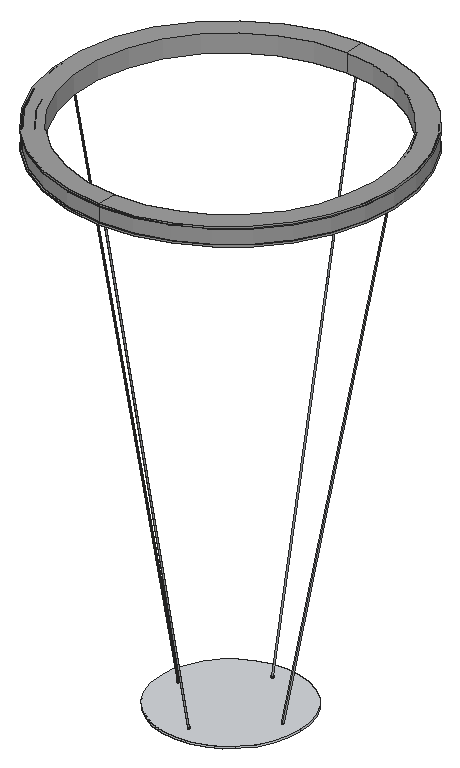
Revit family "VRO-ACPMK", category Lighting Fixtures, host Face, Revit 2022
Family settings
  Host = Face
  Round Connector Dimension = Use Diameter
  Part Type = Normal
  Cut with Voids When Loaded = Yes
  Light Source = Yes
  Maintain Annotation Orientation = No
  Shared = No
  Room Calculation Point = No
Parameters (values of type "VRO-32W-4000K-ACPMK")
  cable = R - 0' 0 1/32"  # 0' - 11 197/256"
  Wattage Comments = "32W"
  Wattage = 15.0799 W
  built-in parameter 1150110 = 1 (stored number, unit not read)
  URL = ""
  built-in parameter 1114217 = 1 (stored number, unit not read)
  Tilt Angle = 90.00°
  built-in parameter 1150109 = 1 (stored number, unit not read)
  built-in parameter 1150134 = 12
  Suspension = 3' - 0"
  built-in parameter 1150113 = 1 (stored number, unit not read)
  Power Factor = "0.9"
  Photometric Web File = "VRO_3624_40901_WH.ies"
  Note = "The actual cable count varies with the fixture size."  # constant formula
  Model = "VRO-3624-40901-ACPMK-WH"
  Manufacturer = "Above All Lighting"  # constant formula
  built-in parameter 1150105 = 178.25 (stored number, unit not read)
  Lumens = 2240 lm
  built-in parameter 1150115 = 1 (stored number, unit not read)
  Load Classification = Lighting
  built-in parameter 1150137 = (empty or 0)
  built-in parameter 1150139 = (empty or 0)
  built-in parameter 1150112 = 1 (stored number, unit not read)
  built-in parameter 1150114 = 1 (stored number, unit not read)
  Lamp = "LED"
  Input Voltage = "120-277V"
  built-in parameter 1150132 = 2
  built-in parameter 1150102 = (empty or 0)
  built-in parameter 1150107 = 4000 (stored number, unit not read)
  built-in parameter 1150138 = (empty or 0)
  built-in parameter 1150106 = 1.7825 (stored number, unit not read)
  built-in parameter 1150104 = 13.8 (stored number, unit not read)
  Dimming Lamp Color Temperature Shift = <None>
  Default Elevation = 0' - 0"
  R = 0' - 11 205/256"
  A = 0' - 10"
  Color Filter = 16777215
  CRI = "90"
  Beam Angle = 0.00°
  built-in parameter 1114218 = 1 (stored number, unit not read)
  built-in parameter 1150133 = 10 (stored number, unit not read)
Types (5): name | cable | Wattage Comments | Wattage | built-in parameter 1150134 | Photometric Web File | Model | built-in parameter 1150105 | Lumens | built-in parameter 1150107 | built-in parameter 1150106 | R
  (no name) | 0' - 11 197/256" | "32W" | 15.0799 W | 12 | "VRO_3624_40901_WH.ies" | "VRO-3624-40901-ACPMK-WH" | 178.25 (stored number, unit not read) | 2240 lm | 4000 (stored number, unit not read) | 1.7825 (stored number, unit not read) | 0' - 11 205/256"
  VRO-32W-4000K-ACPMK | 0' - 11 197/256" | "32W" | 15.0799 W | 12 | "VRO_3624_40901_WH.ies" | "VRO-3624-40901-ACPMK-WH" | 178.25 (stored number, unit not read) | 2240 lm | 4000 (stored number, unit not read) | 1.7825 (stored number, unit not read) | 0' - 11 205/256"
  VRO-40W-3000K-ACPMK | 1' - 5 171/256" | "40W" | 18.8499 W | (empty or 0) | "VRO_4035_30901_WH.ies" | "VRO-4035-30901-ACPMK-WH" | 1094.4 (stored number, unit not read) | 2800 lm | 3000 (stored number, unit not read) | 10.944 (stored number, unit not read) | 1' - 5 179/256"
  VRO-70W-3000K-ACPMK | 1' - 11 73/128" | "70W" | 32.9873 W | (empty or 0) | "VRO_7047_30901_WH.ies" | "VRO-7047-30901-ACPMK-WH" | 1452.5 (stored number, unit not read) | 4900 lm | 3000 (stored number, unit not read) | 14.525 (stored number, unit not read) | 1' - 11 77/128"
  VRO-80W-3000K-ACPMK | 2' - 5 133/256" | "80W" | 37.6998 W | (empty or 0) | "VRO_8059_30901_WH.ies" | "VRO-8059-30901-ACPMK-WH" | 1181.4 (stored number, unit not read) | 5600 lm | 3000 (stored number, unit not read) | 11.814 (stored number, unit not read) | 2' - 5 141/256"
Reference planes (in)
  plane 1 "Center (Front/Back)": y = 0
  plane 2: z = 0
  plane 3 "Center (Left/Right)": x = 0
  plane 4: y = 11.80078
  plane 5: z = 36
  plane 6: z = 37.44962
  plane 7: z = 0.18634
  plane 8: y = 10.40078
Forms (in)
  Revolve 1, solid, material "Default"
    sketch origin (0, 0, 59) x (0, 1, 0) y (0, 0, 1)
      loop
        line (10.40078, -23) -> (11.80078, -23) -> (11.80078, -22.87476) -> (11.7504, -22.82438) -> (11.7504, -22.92689) -> (11.70636, -22.92689) -> (11.70636, -22.80078) -> (11.67114, -22.80078) -> (11.67114, -22.8818) -> (11.05834, -22.8818) -> (11.05834, -21.8182) -> (11.67114, -21.8182) -> (11.67114, -21.89922) -> (11.70636, -21.89922) -> (11.70636, -21.77311) -> (11.7504, -21.77311) -> (11.7504, -21.87562) -> (11.80078, -21.82524) -> (11.80078, -21.7) -> (10.40078, -21.7) -> (10.40078, -23)
      loop
        line (10.99427, -22.8818) -> (10.99427, -21.8182) -> (10.46914, -21.8182) -> (10.46914, -22.8818) -> (10.99427, -22.8818)
      axis (0, -23) -> (0, -21.7)
    angle from 0 to 360
  Extrusion 2, solid
    sketch origin (0, 0, 0) x (1, 0, 0) y (0, 1, 0)
      loop
        circle (0, 3.75) r 0.06118
      loop
        circle (0, -3.75) r 0.06118
      loop
        circle (3.75, 0) r 0.06118
      loop
        circle (-3.75, 0) r 0.06118
    from 0 to 0.18634
  Sweep 3, solid
    path origin (0, 0, 0) x (0, 1, 0) y (0, 0, 1)
      loop
        line (3.75, 0) -> (3.75, 0.18634) -> (11.3227, 36.06836) -> (11.76953, 36.06836)
    profile origin (0, 3.75, 0.09317) x (0, -1, 0) y (1, 0, 0)
      loop
        circle (0, 0) r 0.03141
  Sweep 4, solid
    path origin (0, 0, 0) x (0, 1, 0) y (0, 0, 1)
      loop
        line (-3.75, 0) -> (-3.75, 0.18634) -> (-11.30862, 36.06836) -> (-11.76953, 36.06836)
    profile origin (0, -3.75, 0.09317) x (0, -1, 0) y (1, 0, 0)
      loop
        circle (0, 0) r 0.03125
  Sweep 5, solid
    path origin (0, 0, 0) x (1, 0, 0) y (0, 0, 1)
      loop
        line (-3.75, 0) -> (-3.75, 0.18634) -> (-11.31021, 36.06836) -> (-11.76953, 36.06836)
    profile origin (-3.75, 0, 0.09317) x (-1, 0, 0) y (0, -1, 0)
      loop
        circle (0, 0) r 0.03125
  Sweep 6, solid
    path origin (0, 0, 0) x (1, 0, 0) y (0, 0, 1)
      loop
        line (3.75, 0) -> (3.75, 0.18634) -> (11.33047, 36.06836) -> (11.76953, 36.06836)
    profile origin (3.75, 0, 0.09317) x (-1, 0, 0) y (0, -1, 0)
      loop
        circle (0, 0) r 0.03224
  Extrusion 7, solid
    sketch origin (0, 0, 0) x (1, 0, 0) y (0, 1, 0)
      loop
        circle (0, 0) r 5
    from 0 to 0.125
  Revolve 8, solid, material "Glass, White, High Luminance"
    sketch origin (0, 0, 0) x (0, 1, 0) y (0, 0, 1)
      loop
        line (11.7504, 37.22689) -> (11.70636, 37.22689) -> (11.70636, 36.07311) -> (11.7504, 36.07311) -> (11.7504, 37.22689)
      axis (0, 37.22689) -> (0, 36.07311)
    angle from 0 to 360
Dimensions and locks (in)
  "R": plane 4 to plane 1 "Center (Front/Back)"
  "Suspension": level to plane 5
  locked: plane 6 to plane 5 at 1.44962
  "cable": Sweep 3 sketch curve to imposter light
  "cable": plane 1 "Center (Front/Back)" to Sweep 4 sketch curve
  "cable": plane 3 "Center (Left/Right)" to Sweep 5 sketch curve
  "cable": Sweep 6 sketch curve to plane 3 "Center (Left/Right)"
  locked: plane 4 to plane 8 at 1.4
  Revolve 1 to Revolve 8 sketch curve = 0' - 0.05038"
  locked: Revolve 8 sketch curve to Revolve 8 sketch curve at 0.04404
  "A": diameter of Extrusion 7 sketch curve
  aligned and locked: plane 2 to host face
  aligned and locked: level to host face
  aligned and locked: plane 6 to imposter light
  aligned and locked: plane 4 to Revolve 1 sketch curve
  aligned and locked: Revolve 1 sketch curve to plane 4
  aligned and locked: plane 8 to Revolve 1 sketch curve
  aligned and locked: Revolve 8 sketch curve to Revolve 1
  aligned and locked: Revolve 1 to Revolve 8 sketch curve
Automatic sketch dimensions
  host sketch curve to host sketch curve = 8' - 0"  (x2)
  Sweep 3 sketch curve to plane 3 "Center (Left/Right)" = 0' - 0"
  Sweep 3 sketch curve to profile plane = 0' - 0"
  plane 1 "Center (Front/Back)" to Extrusion 2 sketch curve = 0' - 0"  (x2)
  Extrusion 2 sketch curve to plane 3 "Center (Left/Right)" = 0' - 0"  (x2)
  plane 3 "Center (Left/Right)" to Extrusion 2 sketch curve = 0' - 3 3/4"
  Extrusion 2 sketch curve to plane 1 "Center (Front/Back)" = 0' - 3 3/4"
  Extrusion 2 sketch curve to plane 3 "Center (Left/Right)" = 0' - 3 3/4"
  plane 1 "Center (Front/Back)" to Extrusion 2 sketch curve = 0' - 3 3/4"
  Sweep 4 sketch curve to plane 3 "Center (Left/Right)" = 0' - 0"
  Sweep 4 sketch curve to profile plane = 0' - 0"
  plane 1 "Center (Front/Back)" to Sweep 5 sketch curve = 0' - 0"
  Sweep 5 sketch curve to profile plane = 0' - 0"
  plane 1 "Center (Front/Back)" to Sweep 6 sketch curve = 0' - 0"
  Sweep 6 sketch curve to profile plane = 0' - 0"
  Revolve 1 sketch curve to plane 1 "Center (Front/Back)" = 0' - 0"
  plane 5 to Revolve 1 sketch curve = 0' - 0"
  Revolve 1 sketch curve to plane 8 = 0' - 0.06836"
  Revolve 1 sketch curve to plane 5 = 0' - 0.1182"
  Revolve 1 sketch curve to Revolve 1 sketch curve = 0' - 0.52513"
  Revolve 1 sketch curve to Revolve 1 sketch curve = 0' - 0.06407"
  Revolve 1 sketch curve to plane 4 = 0' - 0.12964"  (x2)
  Revolve 1 sketch curve to Revolve 1 sketch curve = 0' - 0.03523"  (x2)
  Revolve 1 sketch curve to Revolve 1 sketch curve = 0' - 0.04404"  (x2)
  Revolve 1 sketch curve to plane 5 = 0' - 0.07311"
  Revolve 1 sketch curve to Revolve 1 sketch curve = 0' - 0"
  Revolve 1 sketch curve to Revolve 1 sketch curve = 0' - 0.05213"  (x2)
  Revolve 1 sketch curve to Revolve 1 sketch curve = 0' - 0.05038"  (x2)
  Revolve 1 sketch curve to Revolve 1 sketch curve = 0' - 0.0236"  (x2)
  Revolve 1 sketch curve to plane 6 = 0' - 0.34884"
  Revolve 1 sketch curve to Revolve 1 sketch curve = 0' - 0.08102"
  Revolve 1 sketch curve to plane 6 = 0' - 0.26782"
  Revolve 1 sketch curve to Revolve 1 sketch curve = 0' - 0.07311"
  plane 7 to Revolve 1 sketch curve = 0' - 11.81366"
  plane 6 to Revolve 1 sketch curve = 0' - 10.55038"
  Sweep 3 sketch curve to plane 7 = 0' - 0"
  Sweep 3 sketch curve to level = 0' - 0"
  Sweep 3 sketch curve to plane 5 = 0' - 0.06836"
  Sweep 3 sketch curve to Sweep 3 sketch curve = 0' - 0.44683"
  Sweep 3 sketch curve to plane 1 "Center (Front/Back)" = 0' - 3 3/4"
  Sweep 4 sketch curve to plane 7 = 0' - 0"
  Sweep 4 sketch curve to level = 0' - 0"
  Sweep 4 sketch curve to plane 5 = 0' - 0.06836"
  Sweep 4 sketch curve to Sweep 4 sketch curve = 0' - 0.46091"
  plane 1 "Center (Front/Back)" to Sweep 4 sketch curve = 0' - 3 3/4"
  Sweep 5 sketch curve to plane 7 = 0' - 0"
  Sweep 5 sketch curve to level = 0' - 0"
  Sweep 5 sketch curve to plane 5 = 0' - 0.06836"
  Sweep 5 sketch curve to Sweep 5 sketch curve = 0' - 0.45932"
  Sweep 5 sketch curve to plane 3 "Center (Left/Right)" = 0' - 3 3/4"
  Sweep 6 sketch curve to plane 7 = 0' - 0"
  Sweep 6 sketch curve to level = 0' - 0"
  Sweep 6 sketch curve to plane 5 = 0' - 0.06836"
  Sweep 6 sketch curve to Sweep 6 sketch curve = 0' - 0.43906"
  plane 3 "Center (Left/Right)" to Sweep 6 sketch curve = 0' - 3 3/4"
  plane 1 "Center (Front/Back)" to Extrusion 7 sketch curve = 0' - 0"
  Extrusion 7 sketch curve to plane 3 "Center (Left/Right)" = 0' - 0"
  radius of Sweep 3 sketch curve = 0' - 0.03141"
  radius of Extrusion 2 sketch curve = 0' - 0.06118"  (x4)
  radius of Sweep 4 sketch curve = 0' - 0 1/32"
  radius of Sweep 5 sketch curve = 0' - 0 1/32"
  radius of Sweep 6 sketch curve = 0' - 0.03224"
